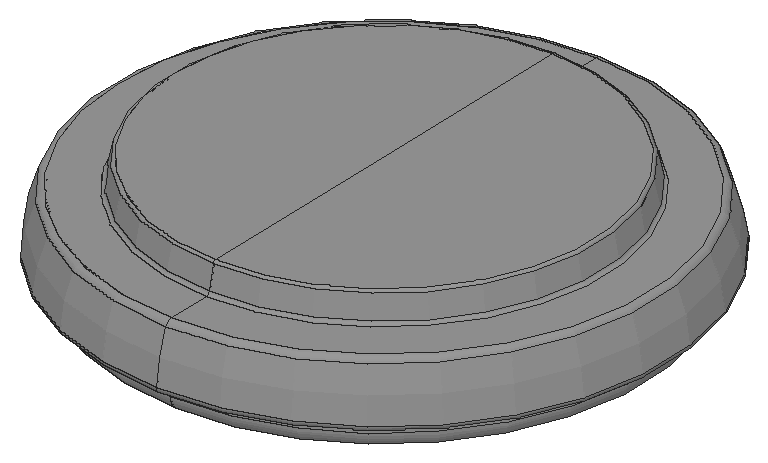
Revit family "FMK11_63_UN_Surface-mounted_ETK", category Lighting Fixtures, Revit 2017 (continued)
Definition of nested family "FMK.1 - Lightsource"
  Types (13, lengths in mm): name | Wattage Comments | Photometric Web File | built-in parameter 1150142 | Apparent Load
    FMK.1229.10N - Ø300x40 / 18W | "18W" | "FMK.1229.10n.ies" | "IESNA:LM-63-2002\r\n[TEST] /2014\r\n[TESTLAB] ies2eulumdat.appspot.com\r\n[ISSUEDATE] 2021-06-16T09:02:18.810\r\n[MANUFAC] www.etk.nl\r\n[LUMCAT] FMK.1209.10\r\n[LUMINAIRE] FMK.1 LED 18W 3000/4000/5700K ø300 niet dimbaar\r\n[LAMPCAT] LED\r\n[LAMP] LED\r\nTILT=NONE\r\n1\t1710\t1\t46\t180\t1\t2\t-0.300\t-0.300\t0\r\n1.0\t1.0\t18.30\r\n0\t 2\t 4\t 6\t 8\t 10\t 12\t 14\t 16\t 18\r\n20\t 22\t 24\t 26\t 28\t 30\t 32\t 34\t 36\t 38\r\n40\t 42\t 44\t 46\t 48\t 50\t 52\t 54\t 56\t 58\r\n60\t 62\t 64\t 66\t 68\t 70\t 72\t 74\t 76\t 78\r\n80\t 82\t 84\t 86\t 88\t 90\r\n0\t 2\t 4\t 6\t 8\t 10\t 12\t 14\t 16\t 18\r\n20\t 22\t 24\t 26\t 28\t 30\t 32\t 34\t 36\t 38\r\n40\t 42\t 44\t 46\t 48\t 50\t 52\t 54\t 56\t 58\r\n60\t 62\t 64\t 66\t 68\t 70\t 72\t 74\t 76\t 78\r\n80\t 82\t 84\t 86\t 88\t 90\t 92\t 94\t 96\t 98\r\n100\t 102\t 104\t 106\t 108\t 110\t 112\t 114\t 116\t 118\r\n120\t 122\t 124\t 126\t 128\t 130\t 132\t 134\t 136\t 138\r\n140\t 142\t 144\t 146\t 148\t 150\t 152\t 154\t 156\t 158\r\n160\t 162\t 164\t 166\t 168\t 170\t 172\t 174\t 176\t 178\r\n180\t 182\t 184\t 186\t 188\t 190\t 192\t 194\t 196\t 198\r\n200\t 202\t 204\t 206\t 208\t 210\t 212\t 214\t 216\t 218\r\n220\t 222\t 224\t 226\t 228\t 230\t 232\t 234\t 236\t 238\r\n240\t 242\t 244\t 246\t 248\t 250\t 252\t 254\t 256\t 258\r\n260\t 262\t 264\t 266\t 268\t 270\t 272\t 274\t 276\t 278\r\n280\t 282\t 284\t 286\t 288\t 290\t 292\t 294\t 296\t 298\r\n300\t 302\t 304\t 306\t 308\t 310\t 312\t 314\t 316\t 318\r\n320\t 322\t 324\t 326\t 328\t 330\t 332\t 334\t 336\t 338\r\n340\t 342\t 344\t 346\t 348\t 350\t 352\t 354\t 356\t 358\r\n\r\n604.9325\t603.2919\t601.6514\t598.9367\t595.1481\t591.3474\t584.4074\t577.4673\t570.5271\t563.5989\r\n556.6589\t546.0716\t535.4844\t524.9091\t514.322\t503.7347\t489.8782\t476.0098\t462.1414\t448.2731\r\n434.4164\t417.5148\t400.6012\t383.6995\t366.7979\t349.8961\t330.7164\t311.5251\t292.3454\t273.1539\r\n253.9742\t234.7827\t215.6031\t196.4116\t177.2319\t158.0404\t0\t0\t0\t0\r\n0\t0\t0\t0\t0\t0\r\n604.9325\t603.303\t601.6736\t598.9672\t595.1776\t591.371\t584.4474\t577.518\t570.5942\t563.6772\r\n556.7804\t546.2089\t535.6382\t525.0562\t514.4711\t503.9096\t490.0793\t476.249\t462.4177\t448.5869\r\n434.7567\t417.8553\t400.9346\t384.014\t367.0954\t350.1887\t331.0138\t311.8383\t292.6629\t273.4839\r\n254.309\t235.1337\t215.9576\t196.7709\t177.5953\t158.8079\t0.4083\t0\t0\t0\r\n0\t0\t0\t0\t0\t0\r\n604.9325\t603.316\t601.6989\t599.0015\t595.1958\t591.3698\t584.4843\t577.5711\t570.6711\t563.7586\r\n556.8947\t546.3551\t535.7596\t525.1644\t514.5799\t504.0319\t490.2428\t476.4007\t462.5425\t448.6943\r\n434.9048\t418.0625\t401.1696\t384.2789\t367.3894\t350.5392\t331.4019\t312.225\t293.0468\t273.8823\r\n254.7052\t235.5402\t216.3663\t197.1991\t178.024\t160.3893\t1.6616\t0\t0\t0\r\n0\t0\t0\t0\t0\t0\r\n604.9325\t603.3306\t601.7275\t599.0433\t595.2312\t591.4156\t584.5657\t577.6625\t570.7544\t563.8431\r\n557.0019\t546.5201\t535.9272\t525.353\t514.7657\t504.264\t490.5226\t476.6557\t462.7667\t448.8924\r\n435.124\t418.3554\t401.4707\t384.5722\t367.6697\t350.8303\t331.7467\t312.5747\t293.4071\t274.2312\r\n255.0699\t235.9111\t216.7553\t197.6045\t178.4467\t162.6446\t3.8393\t0\t0\t0\r\n0\t0\t0\t0\t0\t0\r\n604.9325\t603.3467\t601.7784\t599.0852\t595.2744\t591.4839\t584.6789\t577.7818\t570.8609\t563.9373\r\n557.1543\t546.7354\t536.1372\t525.529\t514.8988\t504.4471\t490.789\t476.9063\t463.0292\t449.1418\r\n435.4474\t418.7539\t401.8361\t384.8952\t367.9622\t351.1523\t332.1531\t312.9933\t293.8363\t274.6741\r\n255.5041\t236.3482\t217.1967\t198.0491\t178.904\t165.4825\t7.0717\t0\t0\t0\r\n0\t0\t0\t0\t0\t0\r\n604.9325\t603.3646\t601.8109\t599.1301\t595.3254\t591.5822\t584.8149\t577.9154\t571.003\t564.0375\r\n557.2822\t546.9546\t536.3271\t525.6894\t515.0537\t504.6554\t491.1358\t477.2379\t463.3307\t449.4155\r\n435.7478\t419.1745\t402.2081\t385.2544\t368.2909\t351.5211\t332.6242\t313.4509\t294.2734\t275.1156\r\n255.9625\t236.8063\t217.6543\t198.5095\t179.3715\t168.6886\t11.5411\t0\t0\t0\r\n0\t0\t0\t0\t0\t0\r\n604.9325\t603.3841\t601.8434\t599.178\t595.3834\t591.6781\t584.976\t578.0752\t571.1133\t564.0963\r\n557.383\t547.1909\t536.5313\t525.8766\t515.2136\t504.8691\t491.4968\t477.5392\t463.5748\t449.6118\r\n435.9498\t419.5755\t402.6015\t385.6298\t368.6616\t351.9183\t333.1605\t313.9425\t294.7654\t275.5923\r\n256.4278\t237.2774\t218.1312\t198.9956\t179.8672\t172.0139\t17.4822\t0\t0\t0\r\n0\t0\t0\t0\t0\t0\r\n604.9325\t603.4053\t601.8759\t599.2285\t595.4497\t591.7812\t585.1731\t578.2085\t571.1927\t564.1664\r\n557.4629\t547.4497\t536.7769\t526.0887\t515.3685\t505.002\t491.8629\t477.8739\t463.8657\t449.8384\r\n436.2083\t420.1244\t403.1335\t386.0845\t369.0368\t352.2643\t333.7051\t314.4923\t295.2823\t276.0978\r\n256.9176\t237.7601\t218.6225\t199.4936\t180.379\t175.1597\t25.1927\t0\t0\t0\r\n0\t0\t0\t0\t0\t0\r\n604.9325\t603.4593\t601.9085\t599.2738\t595.5244\t591.9079\t585.3373\t578.316\t571.3136\t564.2514\r\n557.5412\t547.753\t537.0529\t526.317\t515.5469\t505.1567\t492.6884\t478.2212\t464.1752\t450.1642\r\n436.1336\t421.0943\t403.6156\t386.5209\t369.432\t352.3337\t334.5504\t315.0513\t295.836\t276.637\r\n257.4544\t238.29\t219.1493\t200.0199\t180.9108\t177.7292\t35.0259\t0\t0\t0\r\n0\t0\t0\t0\t0\t0\r\n604.9325\t603.4826\t601.941\t599.3319\t595.6075\t591.9952\t585.4602\t578.4838\t571.4702\t564.333\r\n557.6055\t548.1073\t537.3696\t526.5928\t515.7384\t504.8144\t493.0694\t478.6336\t464.5307\t450.3943\r\n436.2933\t421.64\t404.1436\t386.9492\t369.8193\t352.7072\t335.1677\t315.6771\t296.4365\t277.212\r\n258.007\t238.8258\t219.6743\t200.5397\t181.4425\t179.2574\t47.3991\t0\t0\t0\r\n0\t0\t0\t0\t0\t0\r\n604.9325\t603.5064\t601.9734\t599.3945\t595.7161\t592.0648\t585.6584\t578.7119\t571.6053\t564.412\r\n557.2136\t548.9435\t537.7363\t526.8513\t515.8959\t504.8997\t493.4258\t478.9823\t464.8596\t450.6873\r\n436.4267\t422.0138\t404.7199\t387.5204\t370.3217\t353.0976\t335.7436\t316.324\t297.0385\t277.7912\r\n258.567\t239.3682\t220.2087\t201.0815\t181.9832\t162.9148\t98.4026\t0\t0\t0\r\n0\t0\t0\t0\t0\t0\r\n604.9325\t603.5306\t602.0055\t599.4612\t595.8018\t592.0844\t585.9012\t578.9142\t571.7274\t564.5615\r\n557.281\t549.3317\t538.103\t527.1296\t516.0869\t504.9399\t493.7098\t479.4734\t465.2005\t450.9492\r\n436.7405\t422.5771\t405.4099\t388.0744\t370.7796\t353.4924\t336.2684\t316.9931\t297.6847\t278.4178\r\n259.1782\t239.9648\t220.7735\t201.6345\t182.5343\t163.481\t113.7595\t0\t0\t0\r\n0\t0\t0\t0\t0\t0\r\n604.9325\t603.5554\t602.0217\t599.532\t595.8866\t592.1561\t586.588\t579.0795\t571.9261\t564.708\r\n557.356\t549.6474\t538.4927\t527.425\t516.249\t505.0832\t494.0234\t479.9866\t465.7575\t451.3805\r\n437.0064\t422.8844\t406.0364\t388.6721\t371.3233\t353.9575\t336.8059\t317.7551\t298.3731\t279.0511\r\n259.7888\t240.5534\t221.3703\t202.2241\t183.1196\t164.0583\t128.3143\t0\t0\t0\r\n0\t0\t0\t0\t0\t0\r\n604.9325\t603.5809\t602.0558\t599.618\t595.9723\t592.2358\t586.8402\t579.3172\t572.1843\t564.8477\r\n557.415\t549.9086\t538.9015\t527.7199\t516.5471\t505.2607\t494.2777\t480.6872\t466.1976\t451.7399\r\n437.252\t422.7612\t407.2466\t389.4272\t371.966\t354.4582\t337.2243\t318.5243\t299.1108\t279.742\r\n260.4244\t241.1781\t221.9657\t202.8103\t183.7099\t164.6491\t141.3505\t0\t0\t0\r\n0\t0\t0\t0\t0\t0\r\n604.9325\t603.6071\t602.0912\t599.6912\t596.0451\t591.9798\t587.0148\t579.6483\t572.4109\t565.0026\r\n557.4889\t550.099\t539.3311\t528.166\t516.8776\t505.53\t494.0643\t481.5955\t466.7489\t452.2129\r\n437.6254\t423.0444\t408.0517\t390.1803\t372.5893\t355.0126\t337.4403\t319.5246\t299.8803\t280.4737\r\n261.1232\t241.8179\t222.5739\t203.4066\t184.3006\t165.2486\t152.0665\t0\t0\t0\r\n0\t0\t0\t0\t0\t0\r\n604.9325\t603.6338\t602.1279\t599.7642\t596.2915\t592.06\t587.2479\t579.9651\t572.6275\t565.1743\r\n557.5912\t550.1482\t539.9086\t528.6542\t517.2707\t505.7657\t494.0884\t482.1911\t467.4123\t452.7044\r\n438.0073\t423.2908\t408.632\t391.0308\t373.3713\t355.5458\t337.8389\t320.2515\t300.7003\t281.2121\r\n261.8325\t242.4922\t223.2123\t204.0069\t184.8961\t165.8551\t159.6039\t13.1538\t0\t0\r\n0\t0\t0\t0\t0\t0\r\n604.9325\t603.6611\t602.1659\t599.8376\t596.4054\t592.1391\t587.4977\t580.2805\t572.8868\t565.3787\r\n557.6678\t549.7361\t540.9527\t529.1771\t517.6731\t506.0008\t494.2758\t482.6381\t468.0299\t453.2316\r\n438.4194\t423.5879\t409.1603\t391.9077\t373.8445\t355.9972\t338.2732\t320.7969\t301.5855\t282.0214\r\n262.5566\t243.1786\t223.8823\t204.6641\t185.522\t166.4516\t162.8905\t31.8043\t0\t0\r\n0\t0\t0\t0\t0\t0\r\n604.9325\t603.6892\t602.2049\t599.908\t596.5241\t592.1992\t587.8004\t580.5758\t573.1764\t565.6227\r\n557.7326\t549.8042\t541.4288\t529.7323\t518.1144\t506.3438\t494.4987\t482.7908\t468.7329\t453.8508\r\n438.9175\t423.9507\t408.6493\t392.7359\t374.5174\t356.6496\t338.8317\t321.0335\t302.7194\t282.8805\r\n263.3626\t243.9028\t224.5481\t205.3141\t186.1662\t167.0952\t148.1118\t88.6377\t0\t0\r\n0\t0\t0\t0\t0\t0\r\n604.9325\t603.7179\t602.2449\t599.981\t596.652\t592.2995\t588.0109\t580.9296\t573.5102\t565.8506\r\n557.9219\t549.8881\t541.7121\t530.3743\t518.611\t506.7558\t494.6717\t482.47\t469.828\t454.5537\r\n439.4245\t424.0109\t408.6349\t393.3735\t375.3775\t357.3866\t339.435\t321.5173\t303.5607\t283.7689\r\n264.1651\t244.6733\t225.2874\t205.9828\t186.7886\t167.711\t148.7442\t112.1139\t0\t0\r\n0\t0\t0\t0\t0\t0\r\n604.9325\t603.7473\t602.2856\t600.0568\t596.7719\t592.4179\t588.1719\t581.3183\t573.9078\t566.0743\r\n558.1389\t549.9635\t541.9262\t531.0335\t519.2162\t507.1698\t494.9265\t482.6333\t470.329\t455.2483\r\n439.8147\t424.3822\t408.9232\t393.7403\t376.3501\t358.2294\t340.1252\t322.0395\t304.2025\t284.7408\r\n265.0668\t245.4539\t225.9736\t206.6463\t187.4435\t168.3603\t149.3849\t130.4101\t0\t0\r\n0\t0\t0\t0\t0\t0\r\n604.9325\t603.7776\t602.3343\t600.133\t596.8924\t592.5514\t588.2573\t582.1028\t574.2915\t566.3966\r\n558.3966\t550.0391\t541.4961\t532.1224\t519.854\t507.633\t495.3114\t482.8481\t470.4815\t456.3368\r\n440.5157\t424.9232\t409.2495\t393.6295\t377.6559\t359.1366\t340.8577\t322.656\t304.5206\t285.931\r\n265.9183\t246.2694\t226.7385\t207.3469\t188.0877\t168.9899\t150.0335\t142.1012\t0.9237\t0\r\n0\t0\t0\t0\t0\t0\r\n604.9325\t603.8087\t602.2411\t600.2093\t597.0138\t592.7089\t587.9814\t582.506\t574.6544\t566.7889\r\n558.6686\t550.1973\t541.4544\t532.5851\t520.5561\t508.2392\t495.7924\t483.0495\t470.1335\t457.1163\r\n441.3228\t425.5219\t409.7509\t393.9106\t378.232\t360.1469\t341.7391\t323.3504\t304.9773\t286.7673\r\n266.8982\t247.1147\t227.4881\t208.0586\t188.7792\t169.6606\t150.6879\t131.866\t21.4679\t0\r\n0\t0\t0\t0\t0\t0\r\n604.9325\t603.8407\t602.2844\t600.2854\t597.1426\t592.8591\t588.0729\t582.907\t575.0998\t567.2089\r\n558.9621\t550.3823\t541.4848\t532.7997\t521.7716\t508.9483\t496.2748\t483.3245\t470.3834\t457.4768\r\n442.2022\t426.336\t410.3521\t394.239\t378.1528\t361.5855\t342.6871\t324.0744\t305.6064\t287.3619\r\n267.8645\t248.0216\t228.3498\t208.8257\t189.4682\t170.3025\t151.3323\t132.5387\t80.029\t0\r\n0\t0\t0\t0\t0\t0\r\n604.9325\t603.8733\t602.3299\t600.3607\t597.2661\t593.1545\t588.1843\t583.2018\t575.6055\t567.6783\r\n559.3106\t550.6007\t541.5686\t532.3163\t522.4808\t509.7479\t496.8485\t483.8597\t470.6669\t457.2136\r\n443.4699\t427.2526\t410.9944\t394.713\t378.4457\t362.2796\t343.7493\t325.0072\t306.2591\t287.6577\r\n269.0839\t249.009\t229.1809\t209.5733\t190.2093\t170.9954\t151.9889\t133.1871\t107.1195\t0\r\n0\t0\t0\t0\t0\t0\r\n604.9325\t603.907\t602.3776\t600.435\t597.3875\t593.3208\t588.3223\t583.4193\t576.5313\t568.1743\r\n559.709\t550.8685\t541.7588\t532.2517\t522.878\t510.5737\t497.5582\t484.484\t471.0737\t457.3263\r\n443.9663\t428.2466\t411.8005\t395.3788\t378.7305\t362.2173\t345.2416\t325.9593\t307.1037\t288.3016\r\n269.7515\t250.003\t230.1332\t210.3898\t190.9169\t171.6613\t152.6389\t133.8373\t123.7799\t0\r\n0\t0\t0\t0\t0\t0\r\n604.9325\t603.9123\t602.428\t600.501\t597.5056\t593.4861\t588.4837\t583.5425\t577.0344\t568.7101\r\n560.1512\t551.1686\t541.9813\t532.3519\t522.4772\t511.7762\t498.5257\t485.22\t471.4735\t457.7046\r\n443.7031\t429.415\t412.8677\t396.0261\t379.2618\t362.4764\t345.8916\t327.1753\t308.035\t288.9915\r\n270.1463\t251.2322\t231.0663\t211.2373\t191.6472\t172.3408\t153.2921\t134.4874\t115.9236\t9.2138\r\n0\t0\t0\t0\t0\t0\r\n604.9325\t603.9481\t602.4812\t600.5742\t597.6202\t593.653\t588.668\t583.3077\t577.4581\t569.2983\r\n560.6533\t551.5767\t542.2042\t532.5113\t522.3616\t512.2177\t499.5876\t486.0776\t472.1462\t458.1519\r\n443.8695\t429.876\t414.2071\t396.917\t379.9187\t362.8675\t345.8321\t328.6051\t309.1102\t289.916\r\n270.7523\t251.9617\t232.0644\t212.1103\t192.4343\t173.0323\t153.9173\t135.1018\t116.562\t65.7955\r\n0\t0\t0\t0\t0\t0\r\n604.9325\t603.9852\t602.5371\t600.6467\t597.73\t593.8172\t588.8736\t583.4583\t577.7772\t570.2819\r\n561.2111\t552.1325\t542.5577\t532.7343\t522.3727\t511.8663\t500.9199\t486.9213\t472.9747\t458.7217\r\n444.2496\t429.5691\t414.7964\t398.0122\t380.7816\t363.4509\t346.0825\t328.8111\t310.4213\t290.8883\r\n271.5384\t252.3269\t233.2419\t213.0364\t193.2161\t173.736\t154.5864\t135.7567\t117.2044\t96.1475\r\n0\t0\t0\t0\t0\t0\r\n604.9325\t604.0236\t602.596\t600.7186\t597.8194\t593.9774\t589.2292\t583.6201\t577.9865\t570.7992\r\n561.8256\t552.71\t543.0652\t533.0169\t522.502\t511.8678\t501.241\t488.4687\t473.9436\t459.4936\r\n444.832\t429.7247\t414.7044\t399.4139\t381.8032\t364.1979\t346.6042\t329.0336\t311.6354\t292.1036\r\n272.4601\t253.0354\t233.7628\t214.0337\t194.1035\t174.5269\t155.255\t136.3516\t117.8305\t109.9048\r\n0\t0\t0\t0\t0\t0\r\n604.9325\t604.0637\t602.658\t600.789\t597.9215\t594.1325\t589.4529\t583.8272\t577.7627\t571.1951\r\n562.8118\t553.2917\t543.6239\t533.3822\t522.7915\t511.9619\t500.5541\t489.0998\t475.0948\t460.4654\r\n445.4767\t430.3017\t414.8994\t399.3696\t383.2919\t365.1943\t347.3191\t329.4129\t311.6006\t293.6303\r\n273.6308\t253.85\t234.3543\t215.1938\t195.0532\t175.2777\t155.9455\t136.9913\t118.4168\t100.2246\r\n10.9351\t0\t0\t0\t0\t0\r\n604.9325\t604.1049\t602.7234\t600.8579\t598.021\t594.2782\t589.6773\t584.0732\t577.9255\t571.4711\r\n563.458\t554.0039\t544.2463\t533.8777\t523.2306\t512.1995\t500.5102\t488.6583\t476.4436\t461.6248\r\n446.3237\t431.0595\t415.3954\t399.5376\t383.6965\t366.7259\t348.2364\t330.1152\t311.8732\t293.8363\r\n275.1387\t254.8952\t235.1611\t215.6652\t196.0554\t176.1444\t156.6456\t137.594\t119.0254\t100.8532\r\n68.8785\t0\t0\t0\t0\t0\r\n604.9325\t604.3797\t602.795\t600.7955\t598.1176\t594.4184\t589.9421\t584.4807\t578.1293\t571.2717\r\n564.0225\t555.1365\t544.9684\t534.4889\t523.7521\t512.5133\t500.6805\t488.5879\t476.1182\t463.0735\r\n447.6366\t431.9684\t416.1152\t399.9456\t383.6989\t367.3767\t349.5599\t330.9731\t312.5046\t294.0321\r\n275.9095\t256.218\t236.1048\t216.3684\t197.0093\t177.0397\t157.4158\t138.2701\t119.6169\t101.4035\r\n91.2126\t0\t0\t0\t0\t0\r\n604.9325\t604.4205\t602.8672\t600.8728\t598.211\t594.5549\t590.1569\t584.7672\t578.3807\t571.4627\r\n564.3113\t555.8405\t545.7988\t535.2615\t524.3877\t512.92\t501.0143\t488.7096\t476.0305\t462.7583\r\n449.2912\t433.217\t417.0958\t400.713\t384.1708\t367.2088\t350.6545\t332.2272\t313.392\t294.5441\r\n275.8683\t257.4578\t237.4149\t217.2362\t197.4869\t178.1427\t158.2694\t138.9226\t120.2106\t101.9885\r\n84.2445\t0\t0\t0\t0\t0\r\n604.9325\t604.4609\t602.9426\t600.9571\t598.301\t594.685\t590.3595\t585.0141\t578.795\t571.7158\r\n564.1432\t556.2603\t546.8908\t536.205\t525.1774\t513.5407\t501.5676\t489.0287\t476.1442\t462.6532\r\n448.9921\t434.8922\t418.416\t401.8982\t384.7929\t367.6136\t350.3325\t333.3151\t314.6323\t295.4577\r\n276.336\t257.5068\t238.7779\t218.4036\t198.3424\t178.728\t159.174\t139.7342\t120.8004\t102.4847\r\n84.7775\t45.5539\t0\t0\t0\t0\r\n604.9325\t604.5006\t603.0216\t601.0606\t598.3865\t594.8079\t590.54\t585.2417\t579.0807\t572.1467\r\n564.4011\t556.1409\t547.4037\t537.4374\t526.1369\t514.3405\t502.2658\t489.5783\t476.4823\t462.9105\r\n448.8591\t434.6232\t420.0685\t403.4046\t385.7751\t368.4205\t350.8718\t333.1656\t315.607\t296.8929\r\n277.2305\t257.8752\t238.7581\t219.918\t199.4756\t179.4703\t160.1376\t140.5119\t121.4449\t103.0157\r\n85.2703\t74.215\t0\t0\t0\t0\r\n604.9325\t604.5394\t603.1042\t601.1584\t598.3492\t594.9234\t590.7019\t585.451\t579.3531\t572.4943\r\n564.7651\t556.3877\t547.3688\t538.0224\t527.3866\t515.3535\t503.115\t490.3931\t476.9994\t463.303\r\n449.0547\t434.4994\t419.6921\t404.5604\t387.5106\t369.5539\t351.7313\t333.6797\t315.5431\t297.2741\r\n278.797\t258.7661\t239.2377\t219.9717\t200.9556\t180.5254\t160.6648\t141.5044\t122.1648\t103.5896\r\n85.7592\t68.6221\t0\t0\t0\t0\r\n604.9325\t604.5773\t603.1902\t601.2632\t598.4516\t595.0092\t590.8464\t585.643\t579.6101\t572.8202\r\n565.325\t556.7647\t547.6995\t538.0024\t527.9437\t516.6478\t504.4938\t491.4266\t477.8344\t463.9221\r\n449.6332\t434.78\t419.7115\t403.8594\t387.7921\t371.4508\t353.0947\t334.6903\t316.1395\t297.631\r\n278.8793\t260.2808\t240.1353\t220.3427\t201.0312\t181.9801\t161.6499\t142.0644\t123.0333\t104.2161\r\n86.2409\t69.0879\t15.2173\t0\t0\t0\r\n604.9325\t604.6141\t603.2798\t601.3757\t598.5679\t594.9853\t590.9493\t585.8192\t579.8489\t573.1198\r\n565.7109\t557.3403\t548.3007\t538.393\t527.9435\t517.2634\t505.3927\t492.933\t478.9816\t464.8927\r\n450.474\t435.4187\t420.1142\t403.9636\t387.6809\t371.1777\t354.5307\t336.6039\t317.3934\t298.4472\r\n279.3102\t260.28\t241.3379\t221.3309\t201.4226\t182.0109\t163.0786\t142.9823\t123.7395\t104.974\r\n86.81\t69.5539\t58.969\t0\t0\t0\r\n604.9325\t604.6498\t603.6043\t601.4957\t598.6984\t595.1135\t590.9331\t585.9739\t580.0893\t573.3916\r\n566.0512\t557.7504\t548.7954\t539.0648\t528.4009\t517.3472\t505.5605\t493.6743\t480.4541\t466.4352\r\n451.5987\t436.4298\t420.8587\t404.6187\t388.0855\t371.2381\t354.0167\t336.6193\t319.1551\t299.9255\r\n280.4523\t260.8892\t241.3921\t222.136\t202.5984\t182.4131\t163.0718\t144.3638\t124.5764\t105.7842\r\n87.4272\t70.0349\t53.7077\t0\t0\t0\r\n604.9325\t604.6844\t603.6946\t601.6237\t598.8432\t595.2649\t591.0743\t585.9936\t580.2878\t573.6051\r\n566.3212\t558.1173\t549.2219\t539.5715\t529.1248\t518.0448\t506.0844\t493.7649\t480.7344\t467.3507\r\n453.0676\t438.029\t422.0569\t405.7673\t388.9954\t371.8917\t354.386\t336.673\t318.7419\t300.4149\r\n282.1798\t262.3184\t242.4052\t222.5131\t202.8279\t183.5184\t163.5632\t144.26
